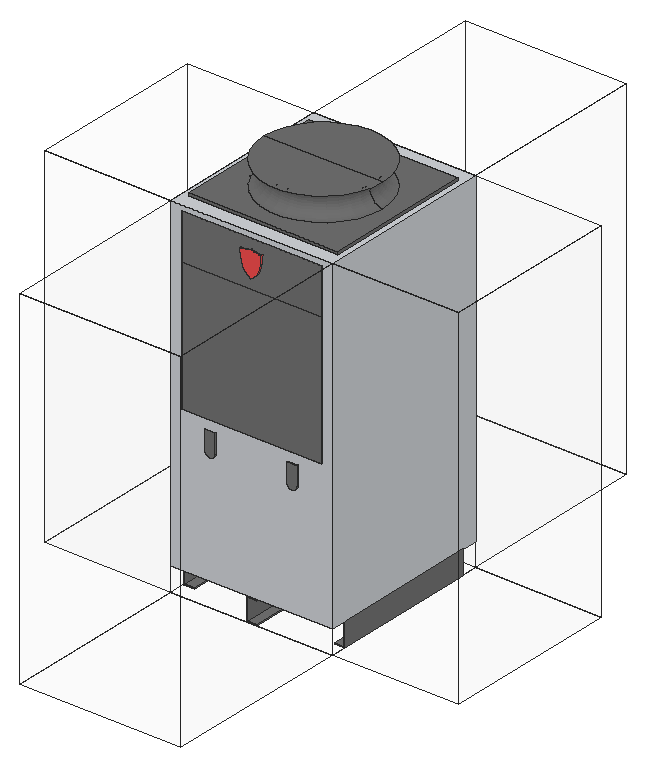
Revit family "Air Source 60,000 BTU", category Mechanical Equipment, Revit 2018
Family settings
  Round Connector Dimension = Use Diameter
  Part Type = Normal
  Work Plane-Based = No
  Always vertical = Yes
  Cut with Voids When Loaded = No
  Shared = No
  Room Calculation Point = No
Parameters (values of type "60,000 BTU")
  WEIGHT = "561"
  WATER CONN SIZE = 1 1/2"
  UNIT WIDTH = 30 5/8"
  UNIT LENGTH = 34"
  URL = ""
  SES BIM Studio # = "23 0649 01"
  Manufacturer = "Lochinvar"
  Lbs.R513a = "12"
  Description = "Air Source Heat Pump Water Heater"
  Compressor Type = "Scroll"
  Clearance Right = 24"
  Clearance Rear = 36"
  Clearance Left = 24"
  Clearance Front = 36"
  Clearance [instance] = yes
  BTUH Heating = "60,527"
  Air Volume (CFM) = "7,683"
  440V-480V/3PH/60HZ RLA = "18"
  440V-480V/3PH/60HZ MOCP = "25"
  440V-480V/3PH/60HZ MCA = "22.5"
Reference planes (in)
  plane 1 "Unit Back": y = 0
  plane 2: z = 0
  plane 3 "Center (Left/Right)": x = 0
  plane 4 "Support Top": z = 4.5
  plane 5 "Unit Body Top": z = 66.75
  plane 6 "Fan Top": z = 71.75
  plane 7 "Fan Center": y = -17
  plane 8 "Unit Front": y = -34
  plane 9 "Unit Body Plate Top": z = 67.25
  plane 10 "Unit Right": x = 15.3125
  plane 11 "Unit Left": x = -15.3125
  plane 12 "Water Inlet Center": z = 7.5
  plane 13 "Water Outlet Center": z = 13.5
  plane 14 "Water Inlet/Outlet Center": x = -1.3125
  plane 15 "Flange Back": y = 4.5
  plane 16 "Pipe Back": y = 4.25
  plane 17 "Support Front": y = -31
  plane 18 "Support Back": y = -3
  plane 19: x = 11.25
  plane 20: x = -11.25
  plane 21: x = -2
  plane 22: x = 2
  plane 23: x = -14.25
  plane 24: x = 14.25
  plane 25: y = -2.75
  plane 26: y = -31.25
  plane 27: y = -70
  plane 28: y = 36
  plane 29: x = 39.3125
  plane 30: x = -39.3125
Forms (in)
  Extrusion 1, solid
    sketch origin (0, 0, 4.5) x (-1, 0, 0) y (0, -1, 0)
      loop
        line (15.3125, 0) -> (15.3125, 34) -> (-15.3125, 34) -> (-15.3125, 0) -> (15.3125, 0)
    from 0 to 62.25
  Revolve 2, solid, material "Grille/Fan/Supports"
    sketch origin (0, -17, 0) x (-1, 0, 0) y (0, 0, 1)
      loop
        line (0, 71.75) -> (-11.25, 71.75)
        arc (-11.25, 71.75) -> (-8.93574, 69.5) -> (-11.25, 67.25) r 2.25089
        line (-11.25, 67.25) -> (0, 67.25) -> (0, 71.75)
      axis (0, 71.75) -> (0, 67.25)
    angle from 0 to 360
  Extrusion 3, solid, material "Grille/Fan/Supports"
    sketch origin (0, 0, 66.75) x (-1, 0, 0) y (0, -1, 0)
      loop
        line (14.25, 2.75) -> (14.25, 31.25) -> (-14.25, 31.25) -> (-14.25, 2.75) -> (14.25, 2.75)
    from 0 to 0.5
  Extrusion 4, solid
    sketch origin (-15.3125, 0, 4.5) x (1, 0, 0) y (0, 0, -1)
      loop
        circle (14, -3) r 0.75
      loop
        circle (14, -9) r 0.75
    from 0 to 4.25
  Extrusion 5, solid
    sketch origin (-15.3125, 4.25, 4.5) x (1, 0, 0) y (0, 0, -1)
      loop
        circle (14, -9) r 2.25
      loop
        circle (14, -3) r 2.25
    from 0 to 0.25
  Extrusion 6, solid, material "Grille/Fan/Supports"
    sketch origin (0, -31, 0) x (-1, 0, 0) y (0, 0, 1)
      loop
        line (15.3125, 4.5) -> (13.3125, 4.5) -> (13.3125, 4.3125) -> (15.125, 4.3125) -> (15.125, 0.1875) -> (13.3125, 0.1875) -> (13.3125, 0) -> (15.3125, 0) -> (15.3125, 4.5)
      loop
        line (-15.3125, 4.5) -> (-15.3125, 0) -> (-13.3125, 0) -> (-13.3125, 0.1875) -> (-15.125, 0.1875) -> (-15.125, 4.3125) -> (-13.3125, 4.3125) -> (-13.3125, 4.5) -> (-15.3125, 4.5)
    from 0 to 28
  Extrusion 7, solid, material "Grille/Fan/Supports"
    sketch origin (0, -34, 0) x (-1, 0, 0) y (0, 0, 1)
      loop
        line (1, 4.5) -> (-1, 4.5) -> (-1, 4.3125) -> (0.8125, 4.3125) -> (0.8125, 0.1875) -> (-1, 0.1875) -> (-1, 0) -> (1, 0) -> (1, 4.5)
    from 0 to 34
  Extrusion 8, solid, material "Grille/Fan/Supports"
    sketch origin (15.3125, -34, 4.5) x (-1, 0, 0) y (0, 0, -1)
      loop
        line (24.125, -25.6875) -> (24.125, -22.1875)
        arc (24.125, -22.1875) -> (23.125, -21.1875) -> (22.125, -22.1875) r 1
        line (22.125, -22.1875) -> (22.125, -25.6875) -> (24.125, -25.6875)
      loop
        line (6.5, -25.6875) -> (8.5, -25.6875) -> (8.5, -22.1875)
        arc (8.5, -22.1875) -> (7.5, -21.1875) -> (6.5, -22.1875) r 1
        line (6.5, -22.1875) -> (6.5, -25.6875)
    from 0 to 0.1875
  Extrusion 9, void
    sketch origin (15.3125, -34, 4.5) x (1, 0, 0) y (0, 0, -1)
      loop
        line (-28.625, -52.5) -> (-2, -52.5) -> (-2, -27.5) -> (-28.625, -27.5) -> (-28.625, -52.5)
    from 0 to 1
  Extrusion 10, solid, material "Grille/Fan/Supports"
    sketch origin (15.3125, -33, 4.5) x (-1, 0, 0) y (0, 0, -1)
      loop
        line (28.625, -52.5) -> (28.625, -27.5) -> (2, -27.5) -> (2, -52.5) -> (28.625, -52.5)
    from 0 to 1
  Extrusion 11, void
    sketch origin (15.3125, -34, 4.5) x (1, 0, 0) y (0, 0, -1)
      loop
        line (-28.625, -61.25) -> (-2, -61.25) -> (-2, -52.5) -> (-28.625, -52.5) -> (-28.625, -61.25)
    from 0 to 1
  Extrusion 12, solid, material "Grille/Fan/Supports"
    sketch origin (15.3125, -33, 4.5) x (-1, 0, 0) y (0, 0, -1)
      loop
        line (28.625, -61.25) -> (28.625, -52.5) -> (2, -52.5) -> (2, -61.25) -> (28.625, -61.25)
    from 0 to 1
  Extrusion 13, solid, material "Logo"
    sketch origin (15.3125, -34, 4.5) x (-1, 0, 0) y (0, 0, -1)
      loop
        line (15.3125, -59.375) -> (17.3125, -59.02235) -> (17.21994, -57.53655)
        arc (17.21994, -57.53655) -> (16.6536, -55.72206) -> (15.3125, -54.375) r 3.99308
        arc (15.3125, -54.375) -> (13.9714, -55.72206) -> (13.40506, -57.53655) r 3.99308
        line (13.40506, -57.53655) -> (13.3125, -59.02235) -> (15.3125, -59.375)
    from 0 to 0.25
  Extrusion 14, solid, material "Clearance", visible <- "Clearance"
    sketch origin (0, 0, 0) x (1, 0, 0) y (0, 1, 0)
      loop
        line (15.3125, 0) -> (15.3125, -34) -> (39.3125, -34) -> (39.3125, 0) -> (15.3125, 0)
    from 0 to 66.75
  Extrusion 15, solid, material "Clearance", visible <- "Clearance"
    sketch origin (0, 0, 0) x (1, 0, 0) y (0, 1, 0)
      loop
        line (-39.3125, 0) -> (-39.3125, -34) -> (-15.3125, -34) -> (-15.3125, 0) -> (-39.3125, 0)
    from 0 to 66.75
  Extrusion 16, solid, material "Clearance", visible <- "Clearance"
    sketch origin (0, 0, 0) x (1, 0, 0) y (0, 1, 0)
      loop
        line (-15.3125, -34) -> (-15.3125, -70) -> (15.3125, -70) -> (15.3125, -34) -> (-15.3125, -34)
    from 0 to 66.75
  Extrusion 17, solid, material "Clearance", visible <- "Clearance"
    sketch origin (0, 0, 0) x (1, 0, 0) y (0, 1, 0)
      loop
        line (-15.3125, 0) -> (15.3125, 0) -> (15.3125, 36) -> (-15.3125, 36) -> (-15.3125, 0)
    from 0 to 66.75
Cuts and joins
  Extrusion 9, Extrusion 11 cuts Extrusion 1
  Extrusion 11 cuts Extrusion 10
Lines and regions (in)
  model lines
    curve 1: line (-15.3125, -34, 65.75) -> (15.3125, -34, 65.75)
    curve 2: line (-13.3125, -34, 65.75) -> (-13.3125, -34, 4.5)
    curve 3: line (13.3125, -34, 65.75) -> (13.3125, -34, 4.5)
    curve 4: line (15.3125, -34, 65.75) -> (15.3125, 0, 65.75)
    curve 5: line (15.3125, 0, 65.75) -> (-15.3125, 0, 65.75)
    curve 6: line (-15.3125, 0, 65.75) -> (-15.3125, -34, 65.75)
    curve 7: line (15.3125, -32, 65.75) -> (15.3125, -32, 4.5)
    curve 8: line (15.3125, -2, 65.75) -> (15.3125, -2, 4.5)
    curve 9: line (-15.3125, -32, 65.75) -> (-15.3125, -32, 4.5)
    curve 10: line (-15.3125, -2, 65.75) -> (-15.3125, -2, 4.5)
    curve 11: line (-13.3125, -34, 31) -> (13.3125, -34, 31)
Dimensions and locks (in)
  equal spacing: plane 1 "Unit Back", plane 7 "Fan Center", plane 8 "Unit Front"
  equal spacing: plane 11 "Unit Left", plane 3 "Center (Left/Right)", plane 10 "Unit Right"
  "UNIT WIDTH": plane 11 "Unit Left" to plane 10 "Unit Right"
  "UNIT LENGTH": plane 8 "Unit Front" to plane 1 "Unit Back"
  equal spacing: plane 20, plane 3 "Center (Left/Right)", plane 19
  locked: plane 20 to plane 19 at 22.5
  equal spacing: plane 21, plane 3 "Center (Left/Right)", plane 22
  locked: plane 21 to plane 22 at 4
  equal spacing: plane 23, plane 3 "Center (Left/Right)", plane 24
  locked: plane 23 to plane 24 at 28.5
  equal spacing: plane 26, plane 7 "Fan Center", plane 25
  locked: plane 26 to plane 25 at 28.5
  locked: plane 17 "Support Front" to plane 8 "Unit Front" at 3
  "Clearance Front": plane 8 "Unit Front" to plane 27
  "Clearance Left": plane 30 to plane 11 "Unit Left"
  "Clearance Right": plane 10 "Unit Right" to plane 29
  "Clearance Rear": plane 1 "Unit Back" to plane 28
  aligned and locked: plane 2 to level
  aligned and locked: plane 5 "Unit Body Top" to Extrusion 1
  aligned and locked: plane 1 "Unit Back" to Extrusion 1 sketch curve
  aligned and locked: plane 8 "Unit Front" to Extrusion 1 sketch curve
  aligned and locked: Revolve 2 sketch curve to plane 6 "Fan Top"
  aligned and locked: Revolve 2 sketch curve to plane 9 "Unit Body Plate Top"
  aligned and locked: Extrusion 1 sketch curve to plane 11 "Unit Left"
  aligned and locked: plane 10 "Unit Right" to Extrusion 1 sketch curve
  aligned and locked: plane 14 "Water Inlet/Outlet Center" to Extrusion 4 sketch curve  (x2)
  aligned and locked: plane 12 "Water Inlet Center" to Extrusion 4 sketch curve
  aligned and locked: plane 13 "Water Outlet Center" to Extrusion 4 sketch curve
  aligned and locked: plane 16 "Pipe Back" to Extrusion 4
  aligned and locked: plane 14 "Water Inlet/Outlet Center" to Extrusion 5 sketch curve  (x2)
  aligned and locked: plane 13 "Water Outlet Center" to Extrusion 5 sketch curve
  aligned and locked: plane 12 "Water Inlet Center" to Extrusion 5 sketch curve
  aligned and locked: Extrusion 5 to Extrusion 4
  aligned and locked: plane 18 "Support Back" to Extrusion 6
  aligned and locked: Extrusion 7 to plane 1 "Unit Back"
  aligned and locked: Extrusion 10 sketch curve to cut or joined group of Extrusion 1, Extrusion 9, Extrusion 11  (x2)
  aligned and locked: Extrusion 12 sketch curve to cut or joined group of Extrusion 1, Extrusion 9, Extrusion 11
  aligned and locked: Extrusion 12 sketch curve to curve 2
  aligned and locked: Extrusion 12 sketch curve to cut or joined group of Extrusion 10, Extrusion 11
  aligned and locked: plane 22 to Extrusion 13 sketch curve
  aligned and locked: Extrusion 3 sketch curve to plane 23
  aligned and locked: plane 24 to Extrusion 3 sketch curve
  aligned and locked: plane 25 to Extrusion 3 sketch curve
  aligned and locked: Extrusion 3 sketch curve to plane 26
  aligned and locked: Extrusion 6 to plane 17 "Support Front"
  aligned and locked: Extrusion 14 sketch curve to cut or joined group of Extrusion 1, Extrusion 9, Extrusion 11  (x2)
  aligned and locked: plane 8 "Unit Front" to Extrusion 14 sketch curve
  aligned and locked: plane 29 to Extrusion 14 sketch curve
  aligned and locked: plane 1 "Unit Back" to Extrusion 15 sketch curve
  aligned and locked: Extrusion 15 sketch curve to plane 30
  aligned and locked: Extrusion 15 sketch curve to cut or joined group of Extrusion 1, Extrusion 9, Extrusion 11  (x2)
  aligned and locked: Extrusion 16 sketch curve to cut or joined group of Extrusion 1, Extrusion 9, Extrusion 11
  aligned and locked: Extrusion 16 sketch curve to plane 11 "Unit Left"
  aligned and locked: plane 27 to Extrusion 16 sketch curve
  aligned and locked: plane 10 "Unit Right" to Extrusion 16 sketch curve
  aligned and locked: Extrusion 17 sketch curve to cut or joined group of Extrusion 1, Extrusion 9, Extrusion 11  (x2)
  aligned and locked: plane 28 to Extrusion 17 sketch curve
  aligned and locked: Extrusion 17 sketch curve to plane 10 "Unit Right"
Automatic sketch dimensions
  curve 1 to Extrusion 1 = 0"  (x2)
  curve 3 to Extrusion 1 = 0"
  curve 2 to Extrusion 1 = 0"
  Extrusion 1 to curve 2 = 1"
  Extrusion 1 to curve 2 = 2"
  Extrusion 1 to curve 11 = 26 1/2"
  curve 4 to Extrusion 1 = 0"  (x2)
  curve 8 to Extrusion 1 = 0"
  curve 7 to Extrusion 1 = 0"
  curve 4 to curve 8 = 2"
  Extrusion 1 to curve 7 = 2"
  Extrusion 1 to curve 4 = 1"
  Extrusion 1 to curve 5 = 0"
  curve 5 to Extrusion 1 = 0"
  Extrusion 1 to curve 5 = 1"
  curve 6 to Extrusion 1 = 0"  (x2)
  curve 9 to Extrusion 1 = 0"
  curve 10 to Extrusion 1 = 0"
  curve 6 to curve 9 = 2"
  curve 10 to curve 6 = 2"
  Extrusion 1 to curve 6 = 1"
  level to Extrusion 7 sketch curve = 4 1/2"
  Extrusion 7 sketch curve to plane 14 "Water Inlet/Outlet Center" = 2 5/16"
  Extrusion 7 sketch curve to Extrusion 7 sketch curve = 0"
  Extrusion 7 sketch curve to Extrusion 7 sketch curve = 1 13/16"
  Extrusion 7 sketch curve to Extrusion 7 sketch curve = 3/16"  (x3)
  Extrusion 7 sketch curve to Extrusion 7 sketch curve = 4 1/8"
  Extrusion 6 sketch curve to plane 4 "Support Top" = 0"  (x2)
  plane 10 "Unit Right" to Extrusion 6 sketch curve = 0"
  Extrusion 6 sketch curve to level = 0"  (x2)
  plane 11 "Unit Left" to Extrusion 6 sketch curve = 0"
  plane 10 "Unit Right" to Extrusion 6 sketch curve = 3/16"
  Extrusion 6 sketch curve to Extrusion 6 sketch curve = 1 13/16"  (x2)
  level to Extrusion 6 sketch curve = 3/16"  (x2)
  Extrusion 6 sketch curve to plane 11 "Unit Left" = 2"  (x2)
  Extrusion 6 sketch curve to plane 11 "Unit Left" = 3/16"
  Extrusion 6 sketch curve to plane 4 "Support Top" = 3/16"  (x2)
  Extrusion 8 sketch curve to Extrusion 1 = 6 1/2"
  Extrusion 8 sketch curve to Extrusion 8 sketch curve = 1"  (x2)
  Extrusion 1 to Extrusion 8 sketch curve = 8 1/2"
  Extrusion 1 to Extrusion 8 sketch curve = 25 11/16"
  Extrusion 8 sketch curve to Extrusion 8 sketch curve = 0"
  Extrusion 8 sketch curve to Extrusion 8 sketch curve = 3 1/2"  (x2)
  curve 3 to Extrusion 1 = 2"
  plane 19 to Revolve 2 sketch curve = 0"  (x2)
  Revolve 2 sketch curve to plane 3 "Center (Left/Right)" = 0"  (x2)
  plane 10 "Unit Right" to Revolve 2 sketch curve = 4.12587"
  Revolve 2 sketch curve to plane 5 "Unit Body Top" = 5"
  plane 6 "Fan Top" to Revolve 2 sketch curve = 12"
  Extrusion 11 sketch curve to Extrusion 1 = 2"
  Extrusion 1 to Extrusion 11 sketch curve = 2"
  Extrusion 11 sketch curve to Extrusion 1 = 1"
  Extrusion 11 sketch curve to Extrusion 11 sketch curve = 8 3/4"
  Extrusion 9 sketch curve to Extrusion 1 = 2"
  Extrusion 1 to Extrusion 9 sketch curve = 2"
  Extrusion 9 sketch curve to Extrusion 1 = 9 3/4"
  Extrusion 9 sketch curve to Extrusion 9 sketch curve = 25"
  Extrusion 12 sketch curve to Extrusion 9 = 0"
  Extrusion 13 sketch curve to Extrusion 13 sketch curve = 0.07791"
  Extrusion 13 sketch curve to Extrusion 12 = 3.71345"  (x2)
  Extrusion 13 sketch curve to Extrusion 13 sketch curve = 0.17048"  (x2)
  Extrusion 13 sketch curve to Extrusion 13 sketch curve = 1.90744"
  Extrusion 13 sketch curve to Extrusion 12 = 2.22765"
  Extrusion 13 sketch curve to Extrusion 13 sketch curve = 0.09256"
  Extrusion 13 sketch curve to Extrusion 13 sketch curve = 0.35265"
  Extrusion 13 sketch curve to Extrusion 13 sketch curve = 1.23752"
  Extrusion 13 sketch curve to Extrusion 13 sketch curve = 2"
  Extrusion 13 sketch curve to Extrusion 13 sketch curve = 1.48579"
  Extrusion 13 sketch curve to Extrusion 13 sketch curve = 0.24828"
  Extrusion 10 sketch curve to Extrusion 9 = 0"  (x2)
  radius of Extrusion 4 sketch curve = 3/4"  (x2)
  radius of Extrusion 5 sketch curve = 2 1/4"  (x2)
Connectors (in)
  piping at (-1.3125, 4.5, 13.5), diameter 1.5, driven by "WATER CONN SIZE"
    settings: on Extrusion 5, index 1, connector inside diameter 24", connector length 0", flow factor 0, pipe flow 0 GPM, pressure drop 0.00 psi, fitting loss kfactor 0, connector angle 0.00°, fixture units 0, engagement length 0", angle of deflection 0.00°, flow configuration 0, flow direction 2, fitting loss method 0, system type 29, joint type 0, gender type 0, connector reference index -1, connector utility 0, adjustable connector no, is connector primary yes, connector description "Water Out"
  piping at (-1.3125, 4.5, 7.5), diameter 1.5, driven by "WATER CONN SIZE"
    settings: on Extrusion 5, index 2, connector inside diameter 24", connector length 0", flow factor 0, pipe flow 0 GPM, pressure drop 0.00 psi, fitting loss kfactor 0, connector angle 0.00°, fixture units 0, engagement length 0", angle of deflection 0.00°, flow configuration 0, flow direction 1, fitting loss method 0, system type 29, joint type 0, gender type 0, connector reference index -1, connector utility 0, adjustable connector no, is connector primary no, connector description "Water In"
